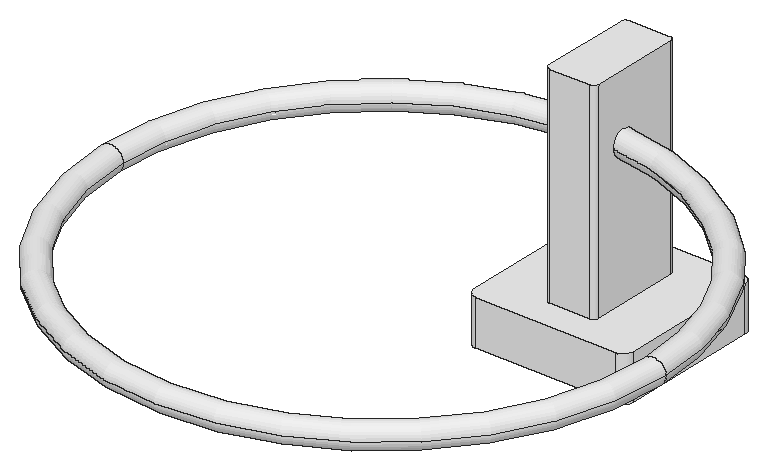
Revit family "Towel_Ring-Wall_Mounted-American_Standard-CS_Series-8335.190", category Specialty Equipment, host Face, Revit 2018
Family settings
  Host = Face
  Round Connector Dimension = Use Diameter
  Part Type = Normal
  OmniClass Number = 23.40.20.21.27
  OmniClass Title = Towel Bars
  Cut with Voids When Loaded = No
  Shared = Yes
  Room Calculation Point = No
Parameters (values of type "8335.190.002")
  Width = 7 1/8"
  Warranty Information = "1 Year Limited Warranty"  # constant formula
  URL = "http://www.americanstandard-us.com"
  Type Comments = ""
  Revised Date = "05/03/2021"  # constant formula
  Product Page URL = "https://www.americanstandard-us.com/bathroom/bathroom-accessories/cs-series-towel-ring-23039"
  Product Documentation Link = "https://www.americanstandard-us.com/-/media/sites/asus/files/product-specs/bulk/specsheet8335190.pdf?la=en"
  Price = "Prices may vary. Please consult Manufacturer Representative for most up-to-date price list."  # constant formula
  Model = "8335.190.002"
  Manufacturer = "American Standard"
  Length = 3 3/16"
  Installation Type = "Wall Mounted"
  Height = 8 1/8"
  Description = "CS Series Towel Ring."
  Default Elevation = 40"
  Creation Date = "04/04/2014"  # constant formula
  Body Material = Metal-American_Standard-002-Polished_Chrome
  Assembly Code = "C1030220"
Types (3): name | Model | Body Material
  (no name) | "8335.190.002" | Metal-American_Standard-002-Polished_Chrome
  8335.190.002 | "8335.190.002" | Metal-American_Standard-002-Polished_Chrome
  8335.190.295 | "8335.190.295" | Metal-American_Standard-295-Brushed_Nickel
Reference planes (in)
  plane 1 "Center (Front/Back)": y = 0
  plane 2: z = 0
  plane 3 "Center (Left/Right)": x = 0
  plane 4 "Floor Level": y = -40
  plane 5: through (0, -1.00108, -3.49617) normal (0, -1, 0.0001)
  plane 6: through (0, 0.62392, -3.49641) normal (0, -1, 0.0001)
  plane 7: through (0, -0.62608, -3.49623) normal (0, -1, 0.0001)
  plane 8: through (3.5625, -4.59545, 180.00125) normal (-1, 0, 0)
  plane 9: through (1, -4.59545, 180.00125) normal (-1, 0, 0)
  plane 10: through (-1, -4.59545, 180.00125) normal (-1, 0, 0)
  plane 11: through (-3.5625, -4.59545, 180.00125) normal (-1, 0, 0)
  plane 12: z = 2.37541
  plane 13: z = 3.1875
  plane 14: y = 0.99952
  plane 15: y = -7.12548
  plane 16: y = -3.56832
Forms (in)
  Extrusion 1, solid, material "Metal-American_Standard-002-Polished_Chrome"
    sketch origin (0, -0.00056, 0.00056) x (1, 0, 0) y (0, 1, -0.000148)
      loop
        arc (-0.87613, 1) -> (-0.96372, 0.96372) -> (-1, 0.87613) r 0.12387
        line (-1, 0.87613) -> (-1, -0.875)
        arc (-1, -0.875) -> (-0.96339, -0.96339) -> (-0.875, -1) r 0.125
        line (-0.875, -1) -> (0.875, -1)
        arc (0.875, -1) -> (0.96339, -0.96339) -> (1, -0.875) r 0.125
        line (1, -0.875) -> (1, 0.875)
        arc (1, 0.875) -> (0.96339, 0.96339) -> (0.875, 1) r 0.125
        line (0.875, 1) -> (-0.87613, 1)
    from 0 to 0.56423
  Extrusion 2, solid, material "Metal-American_Standard-002-Polished_Chrome"
    sketch origin (0, -0.00056, 0.00056) x (1, 0, 0) y (0, 1, -0.000148)
      loop
        line (0.25, 0.625) -> (-0.25, 0.625)
        arc (-0.25, 0.625) -> (-0.29419, 0.60669) -> (-0.3125, 0.5625) r 0.0625
        line (-0.3125, 0.5625) -> (-0.3125, -0.5625)
        arc (-0.3125, -0.5625) -> (-0.29419, -0.60669) -> (-0.25, -0.625) r 0.0625
        line (-0.25, -0.625) -> (0.25, -0.625)
        arc (0.25, -0.625) -> (0.29419, -0.60669) -> (0.3125, -0.5625) r 0.0625
        line (0.3125, -0.5625) -> (0.3125, 0.5625)
        arc (0.3125, 0.5625) -> (0.29419, 0.60669) -> (0.25, 0.625) r 0.0625
    from 0.56423 to 3.1875
  Sweep 3, solid, material "Metal-American_Standard-002-Polished_Chrome"
    path origin (0, -0.20057, 0.00059) x (1, 0, 0) y (0, 1, -0.000148)
      loop
        circle (0, -3.37487) r 3.25
    profile origin (0, -0.32544, 0.00061) x (0, -1, 0.000148) y (0, 0.000148, 1)
      loop
        circle (-0.15625, 2.375) r 0.15625
Cuts and joins
  joined: Extrusion 1, Extrusion 2, Sweep 3
Lines and regions (in)
  Masking region 1
    outline origin (0, 0, 0) x (1, 0, 0) y (0, 0, 1)
      loop
        line (0.3125, 3.18741) -> (-0.3125, 3.18741) -> (-0.3125, 2.53261) -> (-3.40516, 2.53261)
        arc (-3.40516, 2.53261) -> (-3.56236, 2.37541) -> (-3.40516, 2.21822) r 0.1572
        line (-3.40516, 2.21822) -> (-0.3125, 2.21822) -> (-0.3125, 0.56466) -> (-1, 0.56466) -> (-1, 0.00043) -> (1, 0.00043) -> (1, 0.56466) -> (0.3125, 0.56466) -> (0.3125, 2.21822) -> (3.40457, 2.21822)
        arc (3.40457, 2.21822) -> (3.56177, 2.37541) -> (3.40457, 2.53261) r 0.1572
        line (3.40457, 2.53261) -> (0.3125, 2.53261) -> (0.3125, 3.18741)
  symbolic lines, style "SpecialityEquipment", detail levels medium+fine
    curve 1: line (0.3125, 0, 2.53261) -> (0.3125, 0, 2.21822)
    curve 2: line (-0.3125, 0, 2.53261) -> (-0.3125, 0, 2.21822)
  symbolic lines, style "SpecialityEquipment", detail levels fine
    curve 3: line (0.3125, 0, 0.56466) -> (-0.3125, 0, 0.56466)
Dimensions and locks (in)
  "Default Elevation": plane 4 "Floor Level" to plane 1 "Center (Front/Back)"
  plane 12 to plane 2 = 2.37541"
  "Length": plane 13 to plane 2
  "Width": plane 11 to plane 8
  "Height": plane 14 to plane 15
  aligned and locked: plane 2 to host face
  aligned and locked: level to host face
Automatic sketch dimensions
  host sketch curve to host sketch curve = 96"  (x2)
  Extrusion 1 sketch curve to plane 5 = 0"
  Extrusion 1 sketch curve to Extrusion 1 sketch curve = 1/8"
  Extrusion 2 sketch curve to plane 7 = 0"
  plane 6 to Extrusion 2 sketch curve = 0"
  plane 7 to Extrusion 2 sketch curve = 1/16"
  Extrusion 2 sketch curve to plane 3 "Center (Left/Right)" = 5/16"
  Extrusion 2 sketch curve to Extrusion 2 sketch curve = 1/16"  (x2)
  plane 6 to Extrusion 2 sketch curve = 1/16"
  plane 3 "Center (Left/Right)" to Extrusion 2 sketch curve = 1/4"
  profile plane to Sweep 3 sketch curve = 5/32"
  profile plane to Sweep 3 sketch curve = 2 3/8"
  Extrusion 1 sketch curve to plane 10 = 0"
  Extrusion 1 sketch curve to plane 9 = 0"
  Extrusion 1 sketch curve to plane 10 = 0.12387"
  plane 9 to Extrusion 1 sketch curve = 1/8"  (x2)
  Extrusion 1 sketch curve to plane 6 = 1/4"
  curve 2 to plane 12 = 0.1572"
  Masking region 1 sketch curve to plane 3 "Center (Left/Right)" = 5/16"  (x2)
  plane 3 "Center (Left/Right)" to Masking region 1 sketch curve = 5/16"  (x2)
  plane 12 to Masking region 1 sketch curve = 0.1572"  (x2)
  plane 8 to Masking region 1 sketch curve = 0.15793"
  Masking region 1 sketch curve to plane 12 = 0"
  level to Masking region 1 sketch curve = 0.56466"
  plane 9 to Masking region 1 sketch curve = 0"
  level to Masking region 1 sketch curve = 0.00043"
  plane 10 to Masking region 1 sketch curve = 0"
  Masking region 1 sketch curve to Masking region 1 sketch curve = 0.56423"
  Masking region 1 sketch curve to plane 12 = 0.1572"
  Masking region 1 sketch curve to plane 11 = 0.15734"
  Masking region 1 sketch curve to plane 13 = 0.00009"
  curve 2 to plane 3 "Center (Left/Right)" = 5/16"
  curve 3 to plane 3 "Center (Left/Right)" = 5/16"
  plane 3 "Center (Left/Right)" to curve 3 = 5/16"
  plane 3 "Center (Left/Right)" to curve 1 = 5/16"
  level to curve 3 = 0.56466"
  curve 1 to plane 12 = 0.1572"
  plane 12 to curve 2 = 0.1572"
  plane 12 to curve 1 = 0.1572"
  Sweep 3 sketch curve to plane 3 "Center (Left/Right)" = 0"
  Sweep 3 sketch curve to plane 5 = 2.57488"
  radius of Sweep 3 sketch curve = 5/32"
  radius of Sweep 3 sketch curve = 3 1/4"
